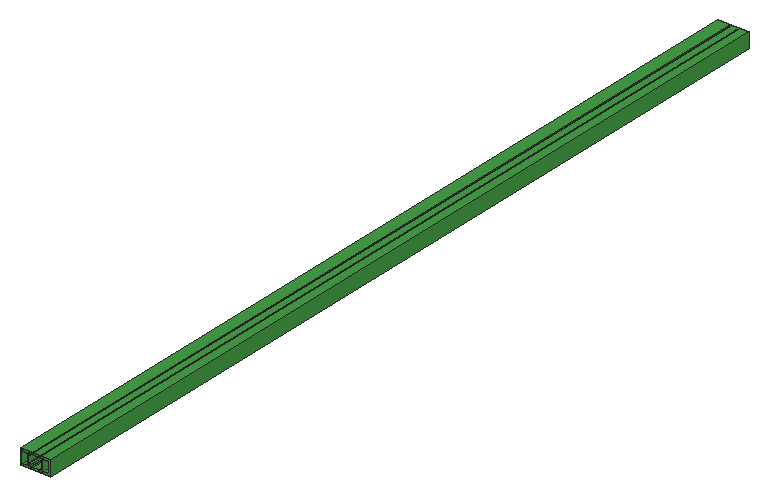
Revit family "DTS-ARKOWOOD ASA 100-50", category Generic Models, Revit 2025
Family settings
  Can host rebar = No
  Round Connector Dimension = Use Diameter
  Part Type = Normal
  Work Plane-Based = No
  Always vertical = Yes
  Cut with Voids When Loaded = No
  Maintain Annotation Orientation = No
  Shared = No
  Room Calculation Point = No
Parameters
  Default Elevation = 0 m
Reference planes (m)
  plane 1 "Center (Front/Back)": y = 0
  plane 2: z = 0
  plane 3 "Center (Left/Right)": x = 0
Forms (m)
  Extrusion 1, solid, material "Default Roof"
    sketch origin (0, 0, 0) x (1, 0, 0) y (0, 0, 1)
      loop
        line (0.572511, 0.202233) -> (0.572511, 0.152233) -> (0.672511, 0.152233) -> (0.672511, 0.202233) -> (0.572511, 0.202233)
      loop
        line (0.577511, 0.197233) -> (0.577511, 0.157233) -> (0.597511, 0.157233) -> (0.597511, 0.197233) -> (0.577511, 0.197233)
      loop
        line (0.647511, 0.197233) -> (0.647511, 0.157233) -> (0.667511, 0.157233) -> (0.667511, 0.197233) -> (0.647511, 0.197233)
      loop
        line (0.634121, 0.157233) -> (0.634719, 0.157856) -> (0.635298, 0.157233) -> (0.636334, 0.157233) -> (0.636922, 0.157856) -> (0.637511, 0.157233) -> (0.644511, 0.157233) -> (0.644511, 0.164233) -> (0.643455, 0.164815) -> (0.644511, 0.16541) -> (0.644511, 0.166446) -> (0.643449, 0.167028) -> (0.644511, 0.167623) -> (0.644511, 0.186843) -> (0.643455, 0.187425) -> (0.644511, 0.18802) -> (0.644511, 0.189056) -> (0.643449, 0.189638) -> (0.644511, 0.190233) -> (0.644511, 0.197233) -> (0.637511, 0.197233) -> (0.636922, 0.19661) -> (0.636334, 0.197233) -> (0.635298, 0.197233) -> (0.634719, 0.19661) -> (0.634121, 0.197233) -> (0.610901, 0.197233) -> (0.610319, 0.19661) -> (0.609724, 0.197233) -> (0.608688, 0.197233) -> (0.608106, 0.19661) -> (0.607511, 0.197233) -> (0.600511, 0.197233) -> (0.600511, 0.190233) -> (0.601573, 0.189638) -> (0.600511, 0.189056) -> (0.600511, 0.18802) -> (0.601567, 0.187425) -> (0.600511, 0.186843) -> (0.600511, 0.167623) -> (0.601573, 0.167028) -> (0.600511, 0.166446) -> (0.600511, 0.16541) -> (0.601567, 0.164815) -> (0.600511, 0.164233) -> (0.600511, 0.157233) -> (0.607511, 0.157233) -> (0.608106, 0.157856) -> (0.608688, 0.157233) -> (0.609724, 0.157233) -> (0.610319, 0.157856) -> (0.610901, 0.157233) -> (0.634121, 0.157233)
    from 0 to 2.9
Dimensions and locks (m)
  aligned and locked: level to plane 2
